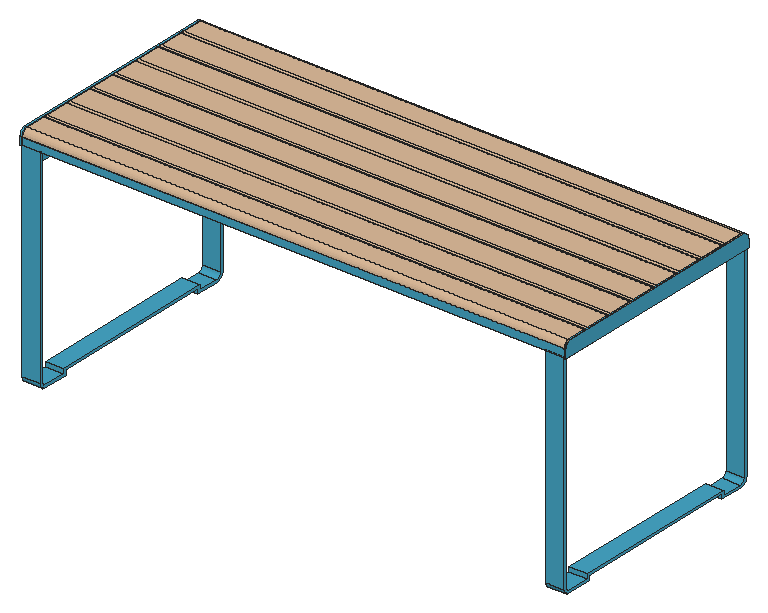
Revit family "product code 61213-S-L", category Meble, Revit 2021
Family settings
  Numer OmniClass = 23.40.20.00
  Tytuł OmniClass = General Furniture and Specialties
  Oparty na płaszczyźnie roboczej = Nie
  Zawsze pionowo = Tak
  Tnij formami wycięć po wczytaniu = Nie
  Współdzielony = Nie
  Punkt obliczania pomieszczeń = Nie
Parameters (values of type "61213-S-L")
  wood = Kobenhagen Wood - Larch
  metal = Kobenhagen RAL 5012
  Width = "75 cm"
  Weight = "65 kg"
  URL = "https://kobenhagen.com/en_US/p/Frederiksberg-Table-6-8-Seats/146"
  Product line = "Frederiksberg"
  Product Groups = "Tables"
  Producent = "Lars Laj"
  Keynote = ""
  Opis = "Frederiksberg Table 6-8 Seats"
  Model = "61213-S-L"
  Material = "Larch, stainless steel, powder coated steel"
  Maintenance = "We recommend to examine and tighten all screws and bolt clamps after a few weeks’ use. In order to prevent cracks and to extend the life of the wood, it is recommended that the wood details should be oiled every 3-5 years."
  Lenght = "180 cm"
  Type Comments = ""
  Kobenhagen Materials = "larslaj.com/bim"
  Hosted on larslaj.com = "https://larslaj.com/bim"
  Height = "75 cm"
  Domyślna rzędna = 0 mm
  Copyright = "All designs and drawings are the intellectual property of Lars Laj A/S and are protected by Danish and international copyright laws."
Reference planes
  plane 1 "front": y = 0
  plane 2: z = 0
  plane 3 "Środek (Lewa/Prawa)": x = 0
  plane 4 "left": x = -893.125
  plane 5 "right": x = 895.483
  plane 6 "back": y = 400
  plane 7: x = -833.125
  plane 8: z = 705.918
  plane 9: z = 704.362
Forms (mm)
  Extrusion 1, solid, material "Kobenhagen Wood - Larch" <- "wood"
    sketch origin (0, -51.366, 319.828) x (0, 1, 0) y (0, 0, 1)
      loop
        arc (244.222, 429.703) -> (240.686, 428.239) -> (239.222, 424.703) r 5
        line (239.222, 424.703) -> (239.222, 388.972)
        arc (239.222, 388.972) -> (239.796, 387.586) -> (241.182, 387.012) r 1.96
        line (241.182, 387.012) -> (327.222, 387.012)
        arc (327.222, 387.012) -> (328.636, 387.598) -> (329.222, 389.012) r 2
        line (329.222, 389.012) -> (329.222, 424.703)
        arc (329.222, 424.703) -> (327.757, 428.239) -> (324.222, 429.703) r 5
        line (324.222, 429.703) -> (244.222, 429.703)
    from -893.125 to 895.483
  Extrusion 2, solid, material "Kobenhagen Wood - Larch" <- "wood"
    sketch origin (0, -153.815, 319.828) x (0, 1, 0) y (0, 0, 1)
      loop
        arc (252.671, 429.703) -> (249.136, 428.239) -> (247.671, 424.703) r 5
        line (247.671, 424.703) -> (247.671, 388.972)
        arc (247.671, 388.972) -> (248.245, 387.586) -> (249.631, 387.012) r 1.96
        line (249.631, 387.012) -> (335.671, 387.012)
        arc (335.671, 387.012) -> (337.085, 387.598) -> (337.671, 389.012) r 2
        line (337.671, 389.012) -> (337.671, 424.703)
        arc (337.671, 424.703) -> (336.207, 428.239) -> (332.671, 429.703) r 5
        line (332.671, 429.703) -> (252.671, 429.703)
    from -893.125 to 895.483
  Extrusion 3, solid, material "Kobenhagen Wood - Larch" <- "wood"
    sketch origin (0, -256.002, 319.828) x (0, 1, 0) y (0, 0, 1)
      loop
        arc (275.801, 429.704) -> (261.616, 423.828) -> (255.74, 409.642) r 20.061
        line (255.74, 409.642) -> (258.916, 409.642) -> (258.916, 387.013) -> (344.172, 387.013)
        arc (344.172, 387.013) -> (345.585, 387.598) -> (346.171, 389.012) r 1.999
        line (346.171, 389.012) -> (346.171, 424.706)
        arc (346.171, 424.706) -> (344.707, 428.24) -> (341.173, 429.704) r 4.998
        line (341.173, 429.704) -> (275.801, 429.704)
    from -893.125 to 895.483
  Extrusion 4, solid, material "Kobenhagen RAL 5012" <- "metal", not visible
    sketch origin (0, 0, 0) x (0, 1, 0) y (0, 0, 1)
      loop
        arc (71.187, 451.5) -> (57.045, 445.642) -> (51.187, 431.5) r 20
        line (51.187, 431.5) -> (51.187, 18.231)
        arc (51.187, 18.231) -> (56.527, 5.34) -> (69.418, 0) r 18.231
        line (69.418, 0) -> (153.638, 0) -> (153.638, 15) -> (448.638, 15) -> (448.638, 0) -> (527.023, 0)
        arc (527.023, 0) -> (542.307, 6.331) -> (548.638, 21.615) r 21.615
        line (548.638, 21.615) -> (548.638, 429.407)
        arc (548.638, 429.407) -> (542.168, 445.029) -> (526.545, 451.5) r 22.093
        line (526.545, 451.5) -> (71.187, 451.5)
    from 750.378 to 745
  Extrusion 5, solid, material "Kobenhagen RAL 5012" <- "metal", not visible
    sketch origin (0, 0, 0) x (0, 1, 0) y (0, 0, 1)
      loop
        line (548.638, 396.844) -> (629.375, 854.725) -> (601.836, 859.581)
        arc (601.836, 859.581) -> (585.224, 855.898) -> (576.082, 841.547) r 22.232
        line (576.082, 841.547) -> (507.306, 451.5) -> (526.545, 451.5)
        arc (526.545, 451.5) -> (542.168, 445.029) -> (548.638, 429.407) r 22.093
        line (548.638, 429.407) -> (548.638, 396.844)
    from 745 to 750.378
  Extrusion 6, solid, material "Kobenhagen RAL 5012" <- "metal"
    sketch origin (0, -51.25, 0) x (0, -1, 0) y (0, 0, 1)
      loop
        line (-71.187, 749.531) -> (-779.045, 749.531)
        arc (-779.045, 749.531) -> (-794.668, 743.06) -> (-801.138, 727.438) r 22.093
        line (-801.138, 727.438) -> (-801.138, 701) -> (-51.187, 701) -> (-51.187, 729.531)
        arc (-51.187, 729.531) -> (-57.045, 743.673) -> (-71.187, 749.531) r 20
    from 899.598 to 893.125
  Extrusion 7, solid, material "Kobenhagen RAL 5012" <- "metal"
    sketch origin (0, -51.25, 0) x (0, 1, 0) y (0, 0, 1)
      loop
        line (801.138, 23.296) -> (801.138, 707) -> (51.187, 707) -> (51.187, 18.763)
        arc (51.187, 18.763) -> (56.683, 5.495) -> (69.95, 0) r 18.763
        line (69.95, 0) -> (153.638, 0) -> (153.638, 15) -> (701.138, 15) -> (701.138, 0) -> (777.842, 0)
        arc (777.842, 0) -> (794.315, 6.823) -> (801.138, 23.296) r 23.296
      loop
        line (58.687, 701) -> (58.687, 18.763)
        arc (58.687, 18.763) -> (61.986, 10.799) -> (69.95, 7.5) r 11.263
        line (69.95, 7.5) -> (146.138, 7.5) -> (146.138, 22.5) -> (708.638, 22.5) -> (708.638, 7.5) -> (777.842, 7.5)
        arc (777.842, 7.5) -> (789.012, 12.127) -> (793.638, 23.296) r 15.796
        line (793.638, 23.296) -> (793.638, 701) -> (58.687, 701)
    from -893.125 to -833.125
  Extrusion 8, solid, material "Kobenhagen RAL 5012" <- "metal"
    sketch origin (0, -51.335, 298.368) x (0, 1, 0) y (0, 0, 1)
      loop
        line (53.936, 431.102) -> (51.187, 431.102) -> (51.187, 405.994) -> (75.281, 405.994) -> (75.281, 408.472) -> (53.936, 408.472) -> (53.936, 431.102)
    from -893.125 to 895.483
  Extrusion 9, solid, material "Kobenhagen Wood - Larch" <- "wood"
    sketch origin (0, 1005.169, 319.828) x (0, -1, 0) y (0, 0, -1)
      loop
        line (275.801, -429.704) -> (342.815, -429.704)
        arc (342.815, -429.704) -> (346.349, -428.24) -> (347.813, -424.706) r 4.998
        line (347.813, -424.706) -> (347.813, -389.012)
        arc (347.813, -389.012) -> (347.227, -387.598) -> (345.813, -387.013) r 1.999
        line (345.813, -387.013) -> (258.705, -387.013) -> (258.705, -409.642) -> (255.74, -409.642)
        arc (255.74, -409.642) -> (261.616, -423.828) -> (275.801, -429.704) r 20.061
    from -893.125 to 895.483
  Extrusion 10, solid, material "Kobenhagen Wood - Larch" <- "wood"
    sketch origin (0, 137.384, 319.828) x (0, 1, 0) y (0, 0, 1)
      loop
        arc (244.222, 429.703) -> (240.686, 428.239) -> (239.222, 424.703) r 5
        line (239.222, 424.703) -> (239.222, 388.972)
        arc (239.222, 388.972) -> (239.796, 387.586) -> (241.182, 387.012) r 1.96
        line (241.182, 387.012) -> (327.222, 387.012)
        arc (327.222, 387.012) -> (328.636, 387.598) -> (329.222, 389.012) r 2
        line (329.222, 389.012) -> (329.222, 424.703)
        arc (329.222, 424.703) -> (327.757, 428.239) -> (324.222, 429.703) r 5
        line (324.222, 429.703) -> (244.222, 429.703)
    from -893.125 to 895.483
  Extrusion 11, solid, material "Kobenhagen Wood - Larch" <- "wood"
    sketch origin (0, 34.935, 319.828) x (0, 1, 0) y (0, 0, 1)
      loop
        arc (252.671, 429.703) -> (249.136, 428.239) -> (247.671, 424.703) r 5
        line (247.671, 424.703) -> (247.671, 388.972)
        arc (247.671, 388.972) -> (248.245, 387.586) -> (249.631, 387.012) r 1.96
        line (249.631, 387.012) -> (335.671, 387.012)
        arc (335.671, 387.012) -> (337.085, 387.598) -> (337.671, 389.012) r 2
        line (337.671, 389.012) -> (337.671, 424.703)
        arc (337.671, 424.703) -> (336.207, 428.239) -> (332.671, 429.703) r 5
        line (332.671, 429.703) -> (252.671, 429.703)
    from -893.125 to 895.483
  Extrusion 12, solid, material "Kobenhagen Wood - Larch" <- "wood"
    sketch origin (0, 325.384, 319.828) x (0, 1, 0) y (0, 0, 1)
      loop
        arc (244.222, 429.703) -> (240.686, 428.239) -> (239.222, 424.703) r 5
        line (239.222, 424.703) -> (239.222, 388.972)
        arc (239.222, 388.972) -> (239.796, 387.586) -> (241.182, 387.012) r 1.96
        line (241.182, 387.012) -> (327.222, 387.012)
        arc (327.222, 387.012) -> (328.636, 387.598) -> (329.222, 389.012) r 2
        line (329.222, 389.012) -> (329.222, 424.703)
        arc (329.222, 424.703) -> (327.757, 428.239) -> (324.222, 429.703) r 5
        line (324.222, 429.703) -> (244.222, 429.703)
    from -893.125 to 895.483
  Extrusion 13, solid, material "Kobenhagen Wood - Larch" <- "wood"
    sketch origin (0, 222.31, 319.828) x (0, 1, 0) y (0, 0, 1)
      loop
        arc (252.671, 429.703) -> (249.136, 428.239) -> (247.671, 424.703) r 5
        line (247.671, 424.703) -> (247.671, 388.972)
        arc (247.671, 388.972) -> (248.245, 387.586) -> (249.631, 387.012) r 1.96
        line (249.631, 387.012) -> (335.671, 387.012)
        arc (335.671, 387.012) -> (337.085, 387.598) -> (337.671, 389.012) r 2
        line (337.671, 389.012) -> (337.671, 424.703)
        arc (337.671, 424.703) -> (336.207, 428.239) -> (332.671, 429.703) r 5
        line (332.671, 429.703) -> (252.671, 429.703)
    from -893.125 to 895.483
  Extrusion 14, solid, material "Kobenhagen Wood - Larch" <- "wood", not visible
    sketch origin (0, -896.088, 385.255) x (0, 1, 0) y (0, 0, 1)
      loop
        arc (244.222, 429.703) -> (240.686, 428.239) -> (239.222, 424.703) r 5
        line (239.222, 424.703) -> (239.222, 388.972)
        arc (239.222, 388.972) -> (239.796, 387.586) -> (241.182, 387.012) r 1.96
        line (241.182, 387.012) -> (327.222, 387.012)
        arc (327.222, 387.012) -> (328.636, 387.598) -> (329.222, 389.012) r 2
        line (329.222, 389.012) -> (329.222, 424.703)
        arc (329.222, 424.703) -> (327.757, 428.239) -> (324.222, 429.703) r 5
        line (324.222, 429.703) -> (244.222, 429.703)
    from -745.625 to 745.937
  Extrusion 15, solid, material "Kobenhagen Wood - Larch" <- "wood", not visible
    sketch origin (0, -998.538, 385.255) x (0, 1, 0) y (0, 0, 1)
      loop
        arc (252.671, 429.703) -> (249.136, 428.239) -> (247.671, 424.703) r 5
        line (247.671, 424.703) -> (247.671, 388.972)
        arc (247.671, 388.972) -> (248.245, 387.586) -> (249.631, 387.012) r 1.96
        line (249.631, 387.012) -> (335.671, 387.012)
        arc (335.671, 387.012) -> (337.085, 387.598) -> (337.671, 389.012) r 2
        line (337.671, 389.012) -> (337.671, 424.703)
        arc (337.671, 424.703) -> (336.207, 428.239) -> (332.671, 429.703) r 5
        line (332.671, 429.703) -> (252.671, 429.703)
    from -745.625 to 745.937
  Extrusion 16, solid, material "Kobenhagen Wood - Larch" <- "wood", not visible
    sketch origin (0, -1101.038, 385.255) x (0, 1, 0) y (0, 0, 1)
      loop
        arc (275.801, 429.704) -> (261.616, 423.828) -> (255.74, 409.642) r 20.061
        line (255.74, 409.642) -> (258.916, 409.642) -> (258.916, 387.013) -> (344.172, 387.013)
        arc (344.172, 387.013) -> (345.585, 387.598) -> (346.171, 389.012) r 1.999
        line (346.171, 389.012) -> (346.171, 424.706)
        arc (346.171, 424.706) -> (344.707, 428.24) -> (341.173, 429.704) r 4.998
        line (341.173, 429.704) -> (275.801, 429.704)
    from -745.625 to 745.937
  Extrusion 17, solid, material "Kobenhagen RAL 5012" <- "metal", not visible
    sketch origin (0, -896.058, 363.795) x (0, 1, 0) y (0, 0, 1)
      loop
        line (53.936, 431.102) -> (51.187, 431.102) -> (51.187, 407.787) -> (53.936, 407.787) -> (53.936, 431.102)
    from -745.625 to 745.937
  Extrusion 18, solid, material "Kobenhagen Wood - Larch" <- "wood", not visible
    sketch origin (0, 162.946, 385.255) x (0, -1, 0) y (0, 0, -1)
      loop
        line (275.801, -429.704) -> (342.815, -429.704)
        arc (342.815, -429.704) -> (346.349, -428.24) -> (347.813, -424.706) r 4.998
        line (347.813, -424.706) -> (347.813, -389.012)
        arc (347.813, -389.012) -> (347.227, -387.598) -> (345.813, -387.013) r 1.999
        line (345.813, -387.013) -> (258.705, -387.013) -> (258.705, -409.642) -> (255.74, -409.642)
        arc (255.74, -409.642) -> (261.616, -423.828) -> (275.801, -429.704) r 20.061
    from -745.625 to 745.938
  Extrusion 19, solid, material "Kobenhagen RAL 5012" <- "metal", not visible
    sketch origin (0, -41.823, 363.795) x (0, -1, 0) y (0, 0, -1)
      loop
        line (53.936, -431.102) -> (53.936, -407.787) -> (51.187, -407.787) -> (51.187, -431.102) -> (53.936, -431.102)
    from -745.625 to 745.938
  Extrusion 20, solid, material "Kobenhagen Wood - Larch" <- "wood", not visible
    sketch origin (0, -707.338, 385.255) x (0, 1, 0) y (0, 0, 1)
      loop
        arc (244.222, 429.703) -> (240.686, 428.239) -> (239.222, 424.703) r 5
        line (239.222, 424.703) -> (239.222, 388.972)
        arc (239.222, 388.972) -> (239.796, 387.586) -> (241.182, 387.012) r 1.96
        line (241.182, 387.012) -> (327.222, 387.012)
        arc (327.222, 387.012) -> (328.636, 387.598) -> (329.222, 389.012) r 2
        line (329.222, 389.012) -> (329.222, 424.703)
        arc (329.222, 424.703) -> (327.757, 428.239) -> (324.222, 429.703) r 5
        line (324.222, 429.703) -> (244.222, 429.703)
    from -745.625 to 745.937
  Extrusion 21, solid, material "Kobenhagen Wood - Larch" <- "wood", not visible
    sketch origin (0, -809.788, 385.255) x (0, 1, 0) y (0, 0, 1)
      loop
        arc (252.671, 429.703) -> (249.136, 428.239) -> (247.671, 424.703) r 5
        line (247.671, 424.703) -> (247.671, 388.972)
        arc (247.671, 388.972) -> (248.245, 387.586) -> (249.631, 387.012) r 1.96
        line (249.631, 387.012) -> (335.671, 387.012)
        arc (335.671, 387.012) -> (337.085, 387.598) -> (337.671, 389.012) r 2
        line (337.671, 389.012) -> (337.671, 424.703)
        arc (337.671, 424.703) -> (336.207, 428.239) -> (332.671, 429.703) r 5
        line (332.671, 429.703) -> (252.671, 429.703)
    from -745.625 to 745.937
  Extrusion 22, solid, material "Kobenhagen Wood - Larch" <- "wood", not visible
    sketch origin (0, -519.338, 385.255) x (0, 1, 0) y (0, 0, 1)
      loop
        arc (244.222, 429.703) -> (240.686, 428.239) -> (239.222, 424.703) r 5
        line (239.222, 424.703) -> (239.222, 388.972)
        arc (239.222, 388.972) -> (239.796, 387.586) -> (241.182, 387.012) r 1.96
        line (241.182, 387.012) -> (327.222, 387.012)
        arc (327.222, 387.012) -> (328.636, 387.598) -> (329.222, 389.012) r 2
        line (329.222, 389.012) -> (329.222, 424.703)
        arc (329.222, 424.703) -> (327.757, 428.239) -> (324.222, 429.703) r 5
        line (324.222, 429.703) -> (244.222, 429.703)
    from -745.625 to 745.937
  Extrusion 23, solid, material "Kobenhagen Wood - Larch" <- "wood", not visible
    sketch origin (0, -621.788, 385.255) x (0, 1, 0) y (0, 0, 1)
      loop
        arc (252.671, 429.703) -> (249.136, 428.239) -> (247.671, 424.703) r 5
        line (247.671, 424.703) -> (247.671, 388.972)
        arc (247.671, 388.972) -> (248.245, 387.586) -> (249.631, 387.012) r 1.96
        line (249.631, 387.012) -> (335.671, 387.012)
        arc (335.671, 387.012) -> (337.085, 387.598) -> (337.671, 389.012) r 2
        line (337.671, 389.012) -> (337.671, 424.703)
        arc (337.671, 424.703) -> (336.207, 428.239) -> (332.671, 429.703) r 5
        line (332.671, 429.703) -> (252.671, 429.703)
    from -745.625 to 745.937
  Extrusion 24, solid, material "Kobenhagen RAL 5012" <- "metal"
    sketch origin (-5, 0, 0) x (1, 0, 0) y (0, 1, 0)
      loop
        line (24.233, 23.946) -> (24.233, 725.803) -> (-14.65, 725.803) -> (-14.65, 23.946) -> (24.233, 23.946)
    from 704.362 to 706.84
  Extrusion 25, solid, material "Kobenhagen RAL 5012" <- "metal"
    sketch origin (0, -51.25, 0) x (0, 1, 0) y (0, 0, -1)
      loop
        arc (801.138, -23.296) -> (794.315, -6.823) -> (777.842, 0) r 23.296
        line (777.842, 0) -> (701.138, 0) -> (701.138, -15) -> (153.638, -15) -> (153.638, 0) -> (69.95, 0)
        arc (69.95, 0) -> (56.683, -5.495) -> (51.187, -18.763) r 18.763
        line (51.187, -18.763) -> (51.187, -707) -> (801.138, -707) -> (801.138, -23.296)
      loop
        line (58.687, -701) -> (793.638, -701) -> (793.638, -23.296)
        arc (793.638, -23.296) -> (789.012, -12.127) -> (777.842, -7.5) r 15.796
        line (777.842, -7.5) -> (708.638, -7.5) -> (708.638, -22.5) -> (146.138, -22.5) -> (146.138, -7.5) -> (69.95, -7.5)
        arc (69.95, -7.5) -> (61.986, -10.799) -> (58.687, -18.763) r 11.263
        line (58.687, -18.763) -> (58.687, -701)
    from -893.125 to -833.125
  Extrusion 26, solid, material "Kobenhagen RAL 5012" <- "metal"
    sketch origin (0, 801.084, 298.368) x (0, -1, 0) y (0, 0, -1)
      loop
        line (53.936, -431.102) -> (53.936, -408.472) -> (75.281, -408.472) -> (75.281, -405.994) -> (51.187, -405.994) -> (51.187, -431.102) -> (53.936, -431.102)
    from -893.125 to 895.483
  Extrusion 27, solid, material "Kobenhagen RAL 5012" <- "metal"
    sketch origin (0, -51.25, 0) x (0, -1, 0) y (0, 0, -1)
      loop
        arc (-71.187, -749.531) -> (-57.045, -743.673) -> (-51.187, -729.531) r 20
        line (-51.187, -729.531) -> (-51.187, -701) -> (-801.138, -701) -> (-801.138, -727.438)
        arc (-801.138, -727.438) -> (-794.668, -743.06) -> (-779.045, -749.531) r 22.093
        line (-779.045, -749.531) -> (-71.187, -749.531)
    from 899.598 to 893.125
  Extrusion 28, solid, material "Kobenhagen RAL 5012"
    sketch origin (0, 0, 0) x (1, 0, 0) y (0, 0, 1)
      loop
        line (-854.751, 700.376) -> (-854.751, 661.376) -> (-848.751, 661.376) -> (-848.751, 700.376) -> (-854.751, 700.376)
    from -742.388 to -7.437
  Extrusion 29, solid, material "Kobenhagen RAL 5012"
    sketch origin (0, 0, 0) x (-1, 0, 0) y (0, 0, -1)
      loop
        line (-854.751, -700.376) -> (-848.751, -700.376) -> (-848.751, -661.376) -> (-854.751, -661.376) -> (-854.751, -700.376)
    from -742.388 to -7.437
  Extrusion 30, solid, material "Kobenhagen RAL 5012"
    sketch origin (0, 925, 0) x (0, 1, 0) y (0, 0, 1)
      loop
        line (-239.91, 661.774) -> (-197.322, 704.362) -> (-905.281, 704.362) -> (-860.38, 661.774) -> (-239.91, 661.774)
    from 16.249 to 19.233
  Extrusion 31, solid, material "Kobenhagen RAL 5012" <- "metal"
    sketch origin (-839.553, -5.326, 0) x (1, 0, 0) y (0, 1, 0)
      loop
        line (24.233, 29.272) -> (24.233, 731.128) -> (-14.65, 731.128) -> (-14.65, 29.272) -> (24.233, 29.272)
    from 704.362 to 706.84
  Extrusion 32, solid, material "Kobenhagen RAL 5012" <- "metal"
    sketch origin (839.553, -5.326, 0) x (-1, 0, 0) y (0, -1, 0)
      loop
        line (24.233, -29.272) -> (-14.65, -29.272) -> (-14.65, -731.128) -> (24.233, -731.128) -> (24.233, -29.272)
    from 704.362 to 706.84
Lines and regions (mm)
  model lines, style "9"
    curve 1: line (264.233, -99.489, 0) -> (264.233, -93.489, 0)
    curve 2: line (264.233, -399.489, 0) -> (264.233, -405.489, 0)
    curve 3: line (-304.767, -99.489, 0) -> (-304.767, -93.489, 0)
    curve 4: line (-304.767, -399.489, 0) -> (-304.767, -405.489, 0)
    curve 5: line (-281.767, -99.489, 0) -> (-281.767, -93.489, 0)
    curve 6: line (-281.767, -399.489, 0) -> (-281.767, -405.489, 0)
    curve 9: line (0, -245.5, 21) -> (0, -239.5, 21)
    curve 10: line (0, -445.5, 21) -> (0, -451.5, 21)
    curve 11: line (0, -194.867, 21.088) -> (0, -188.867, 21.088)
    curve 12: line (0, -744.867, 21.088) -> (0, -750.867, 21.088)
  model lines, style "8"
    curve 7: line (0, -170.5, 1054) -> (0, -158, 1054)
    curve 8: line (0, -170.5, 1054) -> (0, -158, 1054)
Dimensions and locks
  Extrusion 1 sketch curve to Extrusion 1 sketch curve = 90 mm
  Extrusion 1 sketch curve to Extrusion 1 sketch curve = 42.691 mm
  Extrusion 2 sketch curve to Extrusion 2 sketch curve = 90 mm
  Extrusion 2 sketch curve to Extrusion 2 sketch curve = 42.691 mm
  Extrusion 3 sketch curve to Extrusion 3 sketch curve = 42.691 mm
  Extrusion 9 sketch curve to Extrusion 9 sketch curve = 42.691 mm
  Extrusion 10 sketch curve to Extrusion 10 sketch curve = 90 mm
  Extrusion 10 sketch curve to Extrusion 10 sketch curve = 42.691 mm
  Extrusion 11 sketch curve to Extrusion 11 sketch curve = 90 mm
  Extrusion 11 sketch curve to Extrusion 11 sketch curve = 42.691 mm
  Extrusion 12 sketch curve to Extrusion 12 sketch curve = 90 mm
  Extrusion 12 sketch curve to Extrusion 12 sketch curve = 42.691 mm
  Extrusion 13 sketch curve to Extrusion 13 sketch curve = 90 mm
  Extrusion 13 sketch curve to Extrusion 13 sketch curve = 42.691 mm
  Extrusion 14 sketch curve to Extrusion 14 sketch curve = 90 mm
  Extrusion 14 sketch curve to Extrusion 14 sketch curve = 42.691 mm
  Extrusion 15 sketch curve to Extrusion 15 sketch curve = 90 mm
  Extrusion 15 sketch curve to Extrusion 15 sketch curve = 42.691 mm
  Extrusion 16 sketch curve to Extrusion 16 sketch curve = 42.691 mm
  Extrusion 18 sketch curve to Extrusion 18 sketch curve = 42.691 mm
  Extrusion 20 sketch curve to Extrusion 20 sketch curve = 90 mm
  Extrusion 20 sketch curve to Extrusion 20 sketch curve = 42.691 mm
  Extrusion 21 sketch curve to Extrusion 21 sketch curve = 90 mm
  Extrusion 21 sketch curve to Extrusion 21 sketch curve = 42.691 mm
  Extrusion 22 sketch curve to Extrusion 22 sketch curve = 90 mm
  Extrusion 22 sketch curve to Extrusion 22 sketch curve = 42.691 mm
  Extrusion 23 sketch curve to Extrusion 23 sketch curve = 90 mm
  Extrusion 23 sketch curve to Extrusion 23 sketch curve = 42.691 mm
  Extrusion 7 sketch curve to Extrusion 6 = 749.951 mm
  aligned and locked: level to plane 2
  aligned and locked: plane 5 "right" to Extrusion 1
  aligned and locked: Extrusion 1 to plane 4 "left"
  aligned and locked: plane 5 "right" to Extrusion 2
  aligned and locked: plane 5 "right" to Extrusion 3
  aligned and locked: Extrusion 2 to plane 4 "left"
  aligned and locked: Extrusion 3 to plane 4 "left"
  aligned and locked: plane 4 "left" to Extrusion 6
  aligned and locked: Extrusion 7 to plane 4 "left"
  aligned and locked: plane 7 to Extrusion 7
  aligned and locked: Extrusion 8 to plane 4 "left"
  aligned and locked: plane 5 "right" to Extrusion 8
  aligned and locked: plane 5 "right" to Extrusion 9
